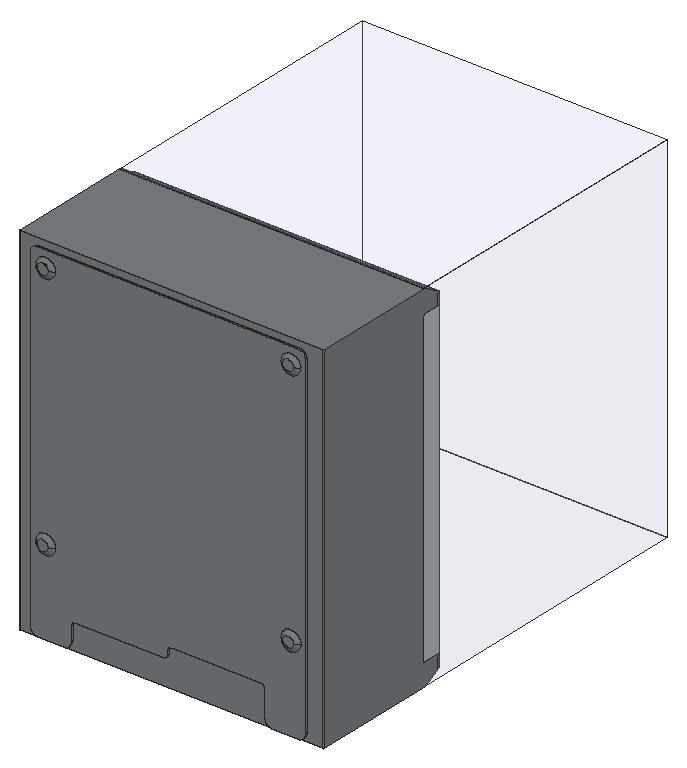
Revit family "Tyco _ FPP  (FireClass) FC700 series _  Addressable Control and Indicating Panels____", category Fire Alarm Devices, host Wall, Revit 2016
Family settings
  Host = Wall
  Maintain Annotation Orientation = No
  Part Type = Normal
  Round Connector Dimension = Use Diameter
  OmniClass Number = 23.85.30.00
  OmniClass Title = Safety and Security Information Systems
  Always vertical = Yes
  Cut with Voids When Loaded = No
  Shared = No
  Room Calculation Point = No
Parameters (values of type "FC718D")
  Weight = "13 kg"
  Warranty Start Date = "1900-12-31T23:59:59"
  Warranty Guarantor Parts = "Contact your supplier. If you don’t have your supplier contact details please contact FireClassSales@tycoint.com"
  Warranty Guarantor Labor = "Contact your supplier. If you don’t have your supplier contact details please contact FireClassSales@tycoint.com"
  Warranty Duration Unit = "Year"
  Warranty Duration Parts = "3 years"
  Warranty Duration Labor = 3
  Warranty Description = "The 36 month warranty is applicable from the date of manufacture."
  Version = "1"
  Usage Current = "n/a"
  Uniclass2 = "Ee_40_15_75"
  URL = "http://www.fireclass.net"
  Type Comments = ""
  Total No Of Addresses = "1000"
  Tag Number = "n/a"
  SuistainabilityPerformance = "n/a"
  Storage Temperature = "-20 °C to +70 °C"
  Size = "n/a"
  Single = yes
  Shape = "Rectangle"
  Serial Number = "n/a"
  Revision = "n/a"
  Replacement Cost = 0
  Relative Humidity = "90% RH continuous (non-condensing)"
  Reference = ""
  Product Description = "FC718D 4-8 Loop FireClass Panel"
  Product Specification = "PROFILE Flexible panel 4 shared power loops or 2 high power loops expandable to 8 shared power or 4 high power loops with maximum 1000 addresses. TFT touchscreen display with 16 zonal LEDs. Designer housing 5 A PSU for 38 AH batteries. Networkable."
  Product Information = ""
  Product Codes = "557.200.952"
  Phase Reference = "n/a"
  Phase Angle = "n/a"
  Operation Temperature Range = " -5 °C to +40 °C"  # constant formula
  Number of Loops = "4"
  Number Of Poles = "n/a"
  Nominal Width = 410 mm
  Nominal Voltage = "230 V AC"
  Nominal Length = 205 mm
  Nominal Height = 480 mm
  Nominal Frequency Range = "50/60 Hz"
  Nominal Current = "2.2 A"
  No Of Zones Supported = "240"
  No Of Zonal LEDs = "80"
  Name = "FC718D"
  NBS Reference = "90-75-30/380"
  NBS Description = "Fire detection and alarm control and indicating equipment (CIE)"
  Model Reference = "n/a"
  Model Number = "FC718D"
  Model = "FC718D"
  Material = "Mild steel Zintec (Electro Zinc Coated)"
  Manufacturer URL = "www.zettlerfire.com"
  Manufacturer Name = "Tyco Fire & Security GmbH"
  Manufacturer = "Tyco Fire & Security GmbH"
  Insulation Standard Class = "n/a"
  Installation Date = "1900-12-31T23:59:59"
  Ifc Type Object = ""
  Ifc Export Type = ""
  Ifc Export As = ""
  IP_Code = "n/a"
  Has Protective Earth = "TRUE"
  Grade = "n/a"
  Finish = "n/a"
  Features = "n/a"
  Expected Life = 0
  Electrical Device Nominal Power = "n/a"
  Duration Unit = "Year"
  Double = not(Single)  # no
  Description = "Two HP or four SP loop, expandable to eight loop, FireClass Panel"
  Constituents = "n/a"
  Colour = "RAL 7035 (Light Grey)"
  Code Performance = "n/a"
  Clearance [instance] = yes
  Category = "Ee_40_15_75"
  Brand = "FireClass"
  Bar Code = "n/a"
  BIM Object Name = ""
  Author = "Tyco Fire & Security GmbH"
  Asset Type = "Moveable"
  Asset Identifier = "n/a"
  Addresses Per Loop = "250"
  Accessibility Performance = "n/a"
Reference planes
  plane 1 "Wall": y = 0
  plane 2 "Center (Left/Right)": x = 125
  plane 3 "Back": y = 75
  plane 4: x = -80
  plane 5: x = 330
  plane 6: y = 280
  plane 7: z = 10
Text (mm)
  text "Placement Side" at (-1848.837, 1116.779, 0), in view "Ref. Level"
  text "Placement side" at (0, 1409.804, 2854.306), in view "Left"
  text "Placement side" at (0, 499.811, 2980.732), in view "Right"
Dimensions and locks
  locked: plane 3 "Back" to host wall
  equal spacing: plane 5, plane 2 "Center (Left/Right)", plane 4
  "Nominal Width": plane 5 to plane 4
  "Nominal Length": plane 6 to host wall
  aligned and locked: plane 1 "Wall" to host wall
  aligned and locked: host wall to nested 1
  aligned and locked: level to nested 1
  aligned and locked: plane 7 to level
Nested families
  nested 1: "Geometry" at (111.958, 195.928, -93.975), type "Default"
Connectors
  electrical at (125, 86.414, -93.975)
    settings: on nested 1, index 1, voltage 0 V, apparent load 0 VA, apparent load phase1 0 VA, apparent load phase2 0 VA, apparent load phase3 0 VA, power factor 1, load classification "Other", number of poles 1, system type 11, power factor state 1, is connector primary yes, connector utility no, sub classification motor no, connector description ""
  cabletrayconduit at (125, 143.421, 146.025), diameter 19.1
    settings: on nested 1, index 2, connector width 300 mm, connector height 300 mm, connector angle 0.00°, system type 32, placement type 0, profile type 0, connector reference index -1, is primary connector yes, connector utility param no, connector description "Conduit Connector"
Definition of nested family "Geometry"
  Parameters (values of type "Default")
    Single = yes
    Double = no
    Depth = 205 mm
    Clearance = yes
  Reference planes
    plane 1 "Center (Front/Back)": y = 0
    plane 2: z = 0
    plane 3 "Center (Left/Right)": x = 0
    plane 4: y = 94.62
    plane 5: y = 14.072
    plane 6: x = 8.755
    plane 7: y = 94.12
    plane 8: x = 8.755
    plane 9: z = 0.002
    plane 10: z = -0.003
    plane 11: y = 104.714
    plane 12: x = 8.755
    plane 13: y = 84.072
    plane 14: y = -120.928
    plane 15: y = 84.072
    plane 16: y = 467.874
    plane 17: y = -109.514
    plane 18: y = -115.452
    plane 19: y = -116.912
    plane 20: y = -120.912
    plane 21: y = -109.514
    plane 22: z = 103.975
  Forms (mm)
    Extrusion 1, solid
      sketch origin (0, 0, 0) x (1, 0, 0) y (0, 1, 0)
        loop
          arc (-191.958, -107.514) -> (-191.373, -108.929) -> (-189.958, -109.514) r 2
          line (-189.958, -109.514) -> (216.042, -109.514)
          arc (216.042, -109.514) -> (217.456, -108.929) -> (218.042, -107.514) r 2
          line (218.042, -107.514) -> (218.042, 81.899)
          arc (218.042, 81.899) -> (217.405, 83.435) -> (215.869, 84.072) r 2.173
          line (215.869, 84.072) -> (-189.786, 84.072)
          arc (-189.786, 84.072) -> (-191.322, 83.435) -> (-191.958, 81.899) r 2.173
          line (-191.958, 81.899) -> (-191.958, -107.514)
      from -240 to 240
    Extrusion 2, void
      sketch origin (0, 0, 0) x (0, 1, 0) y (0, 0, 1)
        loop
          line (84.072, 224.87) -> (84.072, 240) -> (59.509, 240) -> (60.447, 239.783) -> (65.823, 236.679) -> (82.99, 226.768)
          spline (82.99, 226.768) -> (83.148, 226.672) -> (83.294, 226.565) -> (83.428, 226.446) -> (83.549, 226.316) -> (83.658, 226.175) -> (83.754, 226.022) -> (83.838, 225.859) -> (83.909, 225.683) -> (83.969, 225.497) -> (84.015, 225.299) -> (84.05, 225.09) -> (84.072, 224.87)
      from -191.958 to 218.042
    Extrusion 3, void
      sketch origin (0, 0, 0) x (0, 1, 0) y (0, 0, 1)
        loop
          line (57.874, 210) -> (57.874, -210) -> (82.088, -210)
          arc (82.088, -210) -> (83.503, -210.694) -> (84.075, -212.163) r 2.171
          line (84.075, -212.163) -> (84.903, -212.163) -> (84.903, 212.163) -> (84.075, 212.163)
          arc (84.075, 212.163) -> (83.503, 210.694) -> (82.088, 210) r 2.171
          line (82.088, 210) -> (57.874, 210)
      from -197.471 to 233.152
    Extrusion 4, solid
      sketch origin (0, 0, 0) x (1, 0, 0) y (0, 0, 1)
        loop
          line (218.042, 209) -> (-191.958, 209) -> (-191.958, -209) -> (218.042, -209) -> (218.042, 209)
      from -84.072 to -57.874
    Extrusion 5, solid, visible <- "Double", detail levels fine
      sketch origin (0, 0, 0) x (1, 0, 0) y (0, 0, 1)
        loop
          line (-110.643, -12.767) -> (-110.643, -179.445)
          spline (-110.643, -179.445) -> (-110.138, -182.225) -> (-109.338, -184.124) -> (-108.445, -185.382) -> (-107.659, -186.235) -> (-107.039, -186.855) -> (-106.505, -187.344) -> (-105.971, -187.8) -> (-105.302, -188.3) -> (-104.338, -188.903) -> (-102.944, -189.659) -> (-101.349, -190.46) -> (-100.039, -191.088)
          spline (-100.039, -191.088) -> (-92.912, -193.432) -> (-88.696, -194.469) -> (-84.372, -195.349) -> (-80.159, -196.102) -> (-76.43, -196.66) -> (-72.69, -197.13) -> (-68.467, -197.592) -> (-63.39, -198.071) -> (-57.089, -198.588) -> (-49.08, -199.137) -> (-38.795, -199.693) -> (-25.66, -200.227)
          line (-25.66, -200.227) -> (-8.75, -200.611) -> (26.261, -200.611) -> (43.17, -200.227)
          spline (43.17, -200.227) -> (58.045, -199.622) -> (69.694, -198.993) -> (78.763, -198.371) -> (85.899, -197.785) -> (91.648, -197.243) -> (96.431, -196.72) -> (100.666, -196.187) -> (104.889, -195.556) -> (109.66, -194.703) -> (114.557, -193.706) -> (119.331, -192.532) -> (127.403, -189.878)
          spline (127.403, -189.878) -> (128.577, -189.315) -> (130.006, -188.597) -> (131.255, -187.92) -> (132.118, -187.379) -> (132.718, -186.932) -> (133.197, -186.523) -> (133.674, -186.085) -> (134.23, -185.529) -> (134.934, -184.764) -> (135.734, -183.637) -> (136.452, -181.936) -> (136.904, -179.445)
          line (136.904, -179.445) -> (136.904, -12.767)
          arc (136.904, -12.767) -> (135.62, -9.666) -> (132.519, -8.381) r 4.386
          line (132.519, -8.381) -> (-106.258, -8.381)
          arc (-106.258, -8.381) -> (-109.359, -9.666) -> (-110.643, -12.767) r 4.386
        loop
          line (122.205, -178.562) -> (122.205, -19.162)
          arc (122.205, -19.162) -> (122.059, -18.809) -> (121.705, -18.662) r 0.5
          line (121.705, -18.662) -> (-96.695, -18.662)
          arc (-96.695, -18.662) -> (-97.048, -18.809) -> (-97.195, -19.162) r 0.5
          line (-97.195, -19.162) -> (-97.195, -178.562)
          arc (-97.195, -178.562) -> (-97.048, -178.916) -> (-96.695, -179.062) r 0.5
          line (-96.695, -179.062) -> (121.705, -179.062)
          arc (121.705, -179.062) -> (122.059, -178.916) -> (122.205, -178.562) r 0.5
        loop
          line (-91.37, -167.112) -> (-68.37, -167.112)
          arc (-68.37, -167.112) -> (-67.309, -166.673) -> (-66.87, -165.612) r 1.5
          line (-66.87, -165.612) -> (-66.87, -123.612)
          arc (-66.87, -123.612) -> (-67.309, -122.551) -> (-68.37, -122.112) r 1.5
          line (-68.37, -122.112) -> (-91.37, -122.112)
          arc (-91.37, -122.112) -> (-92.43, -122.551) -> (-92.87, -123.612) r 1.5
          line (-92.87, -123.612) -> (-92.87, -165.612)
          arc (-92.87, -165.612) -> (-92.43, -166.673) -> (-91.37, -167.112) r 1.5
        loop
          line (-73.379, -117.225) -> (-73.379, -24.225)
          arc (-73.379, -24.225) -> (-74.629, -22.975) -> (-75.879, -24.225) r 1.25
          line (-75.879, -24.225) -> (-75.879, -117.225)
          arc (-75.879, -117.225) -> (-74.629, -118.475) -> (-73.379, -117.225) r 1.25
        loop
          line (-79.029, -117.225) -> (-79.029, -24.225)
          arc (-79.029, -24.225) -> (-80.279, -22.975) -> (-81.529, -24.225) r 1.25
          line (-81.529, -24.225) -> (-81.529, -117.225)
          arc (-81.529, -117.225) -> (-80.279, -118.475) -> (-79.029, -117.225) r 1.25
        loop
          line (-84.679, -117.225) -> (-84.679, -24.225)
          arc (-84.679, -24.225) -> (-85.929, -22.975) -> (-87.179, -24.225) r 1.25
          line (-87.179, -24.225) -> (-87.179, -117.225)
          arc (-87.179, -117.225) -> (-85.929, -118.475) -> (-84.679, -117.225) r 1.25
        loop
          line (-90.329, -117.225) -> (-90.329, -24.225)
          arc (-90.329, -24.225) -> (-91.579, -22.975) -> (-92.829, -24.225) r 1.25
          line (-92.829, -24.225) -> (-92.829, -117.225)
          arc (-92.829, -117.225) -> (-91.579, -118.475) -> (-90.329, -117.225) r 1.25
        loop
          line (-67.729, -117.225) -> (-67.729, -24.225)
          arc (-67.729, -24.225) -> (-68.979, -22.975) -> (-70.229, -24.225) r 1.25
          line (-70.229, -24.225) -> (-70.229, -117.225)
          arc (-70.229, -117.225) -> (-68.979, -118.475) -> (-67.729, -117.225) r 1.25
        loop
          spline (21.517, -193.361) -> (22.109, -193.327) -> (22.695, -193.227) -> (23.267, -193.062) -> (23.815, -192.831) -> (24.332, -192.537) -> (24.809, -192.182) -> (25.235, -191.768) -> (25.603, -191.301) -> (25.902, -190.786) -> (26.123, -190.233) -> (26.259, -189.653) -> (26.305, -189.062)
          spline (26.305, -189.062) -> (26.258, -188.48) -> (26.121, -187.909) -> (25.897, -187.366) -> (25.595, -186.864) -> (25.226, -186.409) -> (24.799, -186.007) -> (24.326, -185.664) -> (23.813, -185.379) -> (23.271, -185.157) -> (22.706, -184.996) -> (22.128, -184.9) -> (21.545, -184.868)
          line (21.545, -184.868) -> (3.472, -184.862)
          spline (3.472, -184.862) -> (2.888, -184.894) -> (2.31, -184.991) -> (1.744, -185.151) -> (1.201, -185.374) -> (0.688, -185.659) -> (0.214, -186.003) -> (-0.213, -186.405) -> (-0.583, -186.861) -> (-0.886, -187.364) -> (-1.109, -187.907) -> (-1.247, -188.479) -> (-1.295, -189.062)
          spline (-1.295, -189.062) -> (-1.248, -189.653) -> (-1.112, -190.233) -> (-0.891, -190.786) -> (-0.592, -191.301) -> (-0.225, -191.768) -> (0.202, -192.182) -> (0.678, -192.537) -> (1.195, -192.831) -> (1.744, -193.062) -> (2.316, -193.227) -> (2.902, -193.327) -> (3.493, -193.361)
          line (3.493, -193.361) -> (21.517, -193.361)
        loop
          line (-96.695, -178.562) -> (121.705, -178.562) -> (121.705, -19.162) -> (-96.695, -19.162) -> (-96.695, -178.562)
        loop
          line (109.705, -23.975) -> (-63.295, -23.975) -> (-63.295, -166.475) -> (109.705, -166.475) -> (109.705, -23.975)
        loop
          line (-64.095, -22.975) -> (-64.095, -167.275) -> (110.505, -167.275) -> (110.505, -22.975) -> (-64.095, -22.975)
        loop
          line (132.519, -9.381) -> (-106.258, -9.381)
          arc (-106.258, -9.381) -> (-108.652, -10.373) -> (-109.643, -12.767) r 3.386
          line (-109.643, -12.767) -> (-109.643, -179.362)
          spline (-109.643, -179.362) -> (-109.178, -181.935) -> (-108.469, -183.619) -> (-107.687, -184.72) -> (-106.942, -185.529) -> (-106.353, -186.117) -> (-105.851, -186.578) -> (-105.348, -187.007) -> (-104.747, -187.456) -> (-103.85, -188.017) -> (-102.503, -188.748) -> (-100.929, -189.538) -> (-99.641, -190.155)
          spline (-99.641, -190.155) -> (-92.594, -192.474) -> (-88.434, -193.497) -> (-84.141, -194.37) -> (-79.955, -195.119) -> (-76.258, -195.671) -> (-72.539, -196.139) -> (-68.334, -196.599) -> (-63.276, -197.077) -> (-56.991, -197.592) -> (-49.005, -198.14) -> (-38.742, -198.694) -> (-25.631, -199.227)
          line (-25.631, -199.227) -> (-8.739, -199.611) -> (26.25, -199.611) -> (43.136, -199.228)
          spline (43.136, -199.228) -> (57.997, -198.623) -> (69.632, -197.995) -> (78.69, -197.374) -> (85.819, -196.79) -> (91.558, -196.248) -> (96.329, -195.728) -> (100.548, -195.197) -> (104.737, -194.572) -> (109.478, -193.725) -> (114.349, -192.735) -> (119.062, -191.58) -> (126.963, -188.99)
          spline (126.963, -188.99) -> (128.123, -188.434) -> (129.521, -187.731) -> (130.739, -187.072) -> (131.541, -186.571) -> (132.076, -186.172) -> (132.525, -185.788) -> (132.973, -185.378) -> (133.498, -184.853) -> (134.163, -184.133) -> (134.856, -183.163) -> (135.486, -181.679) -> (135.904, -179.401)
          line (135.904, -179.401) -> (135.904, -12.767)
          arc (135.904, -12.767) -> (134.913, -10.373) -> (132.519, -9.381) r 3.386
        loop
          arc (-110.643, 12.767) -> (-109.359, 9.666) -> (-106.258, 8.381) r 4.386
          line (-106.258, 8.381) -> (132.519, 8.381)
          arc (132.519, 8.381) -> (135.62, 9.666) -> (136.904, 12.767) r 4.386
          line (136.904, 12.767) -> (136.904, 179.445)
          spline (136.904, 179.445) -> (136.452, 181.936) -> (135.734, 183.637) -> (134.934, 184.764) -> (134.23, 185.529) -> (133.674, 186.085) -> (133.197, 186.523) -> (132.718, 186.932) -> (132.118, 187.379) -> (131.255, 187.92) -> (130.006, 188.597) -> (128.577, 189.315) -> (127.403, 189.878)
          spline (127.403, 189.878) -> (119.331, 192.532) -> (114.557, 193.706) -> (109.66, 194.703) -> (104.889, 195.556) -> (100.666, 196.187) -> (96.431, 196.72) -> (91.648, 197.243) -> (85.899, 197.785) -> (78.763, 198.371) -> (69.694, 198.993) -> (58.045, 199.622) -> (43.17, 200.227)
          line (43.17, 200.227) -> (26.261, 200.611) -> (-8.75, 200.611) -> (-25.66, 200.227)
          spline (-25.66, 200.227) -> (-38.795, 199.693) -> (-49.08, 199.137) -> (-57.089, 198.588) -> (-63.39, 198.071) -> (-68.467, 197.592) -> (-72.69, 197.13) -> (-76.43, 196.66) -> (-80.159, 196.102) -> (-84.372, 195.349) -> (-88.696, 194.469) -> (-92.912, 193.432) -> (-100.039, 191.088)
          spline (-100.039, 191.088) -> (-101.349, 190.46) -> (-102.944, 189.659) -> (-104.338, 188.903) -> (-105.302, 188.3) -> (-105.971, 187.8) -> (-106.505, 187.344) -> (-107.039, 186.855) -> (-107.659, 186.235) -> (-108.445, 185.382) -> (-109.338, 184.124) -> (-110.138, 182.225) -> (-110.643, 179.445)
          line (-110.643, 179.445) -> (-110.643, 12.767)
        loop
          arc (122.205, 178.562) -> (122.059, 178.916) -> (121.705, 179.062) r 0.5
          line (121.705, 179.062) -> (-96.695, 179.062)
          arc (-96.695, 179.062) -> (-97.048, 178.916) -> (-97.195, 178.562) r 0.5
          line (-97.195, 178.562) -> (-97.195, 19.162)
          arc (-97.195, 19.162) -> (-97.048, 18.809) -> (-96.695, 18.662) r 0.5
          line (-96.695, 18.662) -> (121.705, 18.662)
          arc (121.705, 18.662) -> (122.059, 18.809) -> (122.205, 19.162) r 0.5
          line (122.205, 19.162) -> (122.205, 178.562)
        loop
          arc (-91.682, 167.112) -> (-92.743, 166.673) -> (-93.182, 165.612) r 1.5
          line (-93.182, 165.612) -> (-93.182, 123.612)
          arc (-93.182, 123.612) -> (-92.743, 122.551) -> (-91.682, 122.112) r 1.5
          line (-91.682, 122.112) -> (-68.682, 122.112)
          arc (-68.682, 122.112) -> (-67.621, 122.551) -> (-67.182, 123.612) r 1.5
          line (-67.182, 123.612) -> (-67.182, 165.612)
          arc (-67.182, 165.612) -> (-67.621, 166.673) -> (-68.682, 167.112) r 1.5
          line (-68.682, 167.112) -> (-91.682, 167.112)
        loop
          arc (-73.691, 117.225) -> (-74.941, 118.475) -> (-76.191, 117.225) r 1.25
          line (-76.191, 117.225) -> (-76.191, 24.225)
          arc (-76.191, 24.225) -> (-74.941, 22.975) -> (-73.691, 24.225) r 1.25
          line (-73.691, 24.225) -> (-73.691, 117.225)
        loop
          arc (-79.341, 117.225) -> (-80.591, 118.475) -> (-81.841, 117.225) r 1.25
          line (-81.841, 117.225) -> (-81.841, 24.225)
          arc (-81.841, 24.225) -> (-80.591, 22.975) -> (-79.341, 24.225) r 1.25
          line (-79.341, 24.225) -> (-79.341, 117.225)
        loop
          arc (-84.991, 117.225) -> (-86.241, 118.475) -> (-87.491, 117.225) r 1.25
          line (-87.491, 117.225) -> (-87.491, 24.225)
          arc (-87.491, 24.225) -> (-86.241, 22.975) -> (-84.991, 24.225) r 1.25
          line (-84.991, 24.225) -> (-84.991, 117.225)
        loop
          arc (-90.641, 117.225) -> (-91.891, 118.475) -> (-93.141, 117.225) r 1.25
          line (-93.141, 117.225) -> (-93.141, 24.225)
          arc (-93.141, 24.225) -> (-91.891, 22.975) -> (-90.641, 24.225) r 1.25
          line (-90.641, 24.225) -> (-90.641, 117.225)
        loop
          arc (-68.041, 117.225) -> (-69.291, 118.475) -> (-70.541, 117.225) r 1.25
          line (-70.541, 117.225) -> (-70.541, 24.225)
          arc (-70.541, 24.225) -> (-69.291, 22.975) -> (-68.041, 24.225) r 1.25
          line (-68.041, 24.225) -> (-68.041, 117.225)
        loop
          line (21.517, 193.361) -> (3.493, 193.361)
          spline (3.493, 193.361) -> (2.902, 193.327) -> (2.316, 193.227) -> (1.744, 193.062) -> (1.195, 192.831) -> (0.678, 192.537) -> (0.202, 192.182) -> (-0.225, 191.768) -> (-0.592, 191.301) -> (-0.891, 190.786) -> (-1.112, 190.233) -> (-1.248, 189.653) -> (-1.295, 189.062)
          spline (-1.295, 189.062) -> (-1.247, 188.479) -> (-1.109, 187.907) -> (-0.886, 187.364) -> (-0.583, 186.861) -> (-0.213, 186.405) -> (0.214, 186.003) -> (0.688, 185.659) -> (1.201, 185.374) -> (1.744, 185.151) -> (2.31, 184.991) -> (2.888, 184.894) -> (3.472, 184.862)
          line (3.472, 184.862) -> (21.545, 184.868)
          spline (21.545, 184.868) -> (22.128, 184.9) -> (22.706, 184.996) -> (23.271, 185.157) -> (23.813, 185.379) -> (24.326, 185.664) -> (24.799, 186.007) -> (25.226, 186.409) -> (25.595, 186.864) -> (25.897, 187.366) -> (26.121, 187.909) -> (26.258, 188.48) -> (26.305, 189.062)
          spline (26.305, 189.062) -> (26.259, 189.653) -> (26.123, 190.233) -> (25.902, 190.786) -> (25.603, 191.301) -> (25.235, 191.768) -> (24.809, 192.182) -> (24.332, 192.537) -> (23.815, 192.831) -> (23.267, 193.062) -> (22.695, 193.227) -> (22.109, 193.327) -> (21.517, 193.361)
        loop
          line (-96.695, 178.562) -> (-96.695, 19.162) -> (121.705, 19.162) -> (121.705, 178.562) -> (-96.695, 178.562)
        loop
          line (109.705, 23.975) -> (109.705, 166.475) -> (-63.295, 166.475) -> (-63.295, 23.975) -> (109.705, 23.975)
        loop
          line (-64.095, 22.975) -> (110.505, 22.975) -> (110.505, 167.275) -> (-64.095, 167.275) -> (-64.095, 22.975)
        loop
          arc (132.519, 9.381) -> (134.913, 10.373) -> (135.904, 12.767) r 3.386
          line (135.904, 12.767) -> (135.904, 179.401)
          spline (135.904, 179.401) -> (135.486, 181.679) -> (134.856, 183.163) -> (134.163, 184.133) -> (133.498, 184.853) -> (132.973, 185.378) -> (132.525, 185.788) -> (132.076, 186.172) -> (131.541, 186.571) -> (130.739, 187.072) -> (129.521, 187.731) -> (128.123, 188.434) -> (126.963, 188.99)
          spline (126.963, 188.99) -> (119.062, 191.58) -> (114.349, 192.735) -> (109.478, 193.725) -> (104.737, 194.572) -> (100.548, 195.197) -> (96.329, 195.728) -> (91.558, 196.248) -> (85.819, 196.79) -> (78.69, 197.374) -> (69.632, 197.995) -> (57.997, 198.623) -> (43.136, 199.228)
          line (43.136, 199.228) -> (26.25, 199.611) -> (-8.739, 199.611) -> (-25.631, 199.227)
          spline (-25.631, 199.227) -> (-38.742, 198.694) -> (-49.005, 198.14) -> (-56.991, 197.592) -> (-63.276, 197.077) -> (-68.334, 196.599) -> (-72.539, 196.139) -> (-76.258, 195.671) -> (-79.955, 195.119) -> (-84.141, 194.37) -> (-88.434, 193.497) -> (-92.594, 192.474) -> (-99.641, 190.155)
          spline (-99.641, 190.155) -> (-100.929, 189.538) -> (-102.503, 188.748) -> (-103.85, 188.017) -> (-104.747, 187.456) -> (-105.348, 187.007) -> (-105.851, 186.578) -> (-106.353, 186.117) -> (-106.942, 185.529) -> (-107.687, 184.72) -> (-108.469, 183.619) -> (-109.178, 181.935) -> (-109.643, 179.362)
          line (-109.643, 179.362) -> (-109.643, 12.767)
          arc (-109.643, 12.767) -> (-108.652, 10.373) -> (-106.258, 9.381) r 3.386
          line (-106.258, 9.381) -> (132.519, 9.381)
      from -94.62 to -94.12
    Extrusion 6, void
      sketch origin (0, 0, 0) x (0, 1, 0) y (0, 0, 1)
        loop
          spline (84.072, -224.87) -> (84.05, -225.09) -> (84.015, -225.299) -> (83.969, -225.497) -> (83.909, -225.683) -> (83.838, -225.859) -> (83.754, -226.022) -> (83.658, -226.175) -> (83.549, -226.316) -> (83.428, -226.446) -> (83.294, -226.565) -> (83.148, -226.672) -> (82.99, -226.768)
          line (82.99, -226.768) -> (65.823, -236.679) -> (60.447, -239.783) -> (59.509, -240) -> (84.072, -240) -> (84.072, -224.87)
      from -191.958 to 218.042
    Extrusion 7, solid, visible <- "Double", detail levels fine
      sketch origin (0, 0, 0) x (1, 0, 0) y (0, 0, 1)
        loop
          line (132.519, -8.381) -> (-106.258, -8.381)
          arc (-106.258, -8.381) -> (-109.359, -9.666) -> (-110.643, -12.767) r 4.386
          line (-110.643, -12.767) -> (-110.643, -179.445)
          spline (-110.643, -179.445) -> (-110.138, -182.225) -> (-109.338, -184.124) -> (-108.445, -185.382) -> (-107.659, -186.235) -> (-107.039, -186.855) -> (-106.505, -187.344) -> (-105.971, -187.8) -> (-105.302, -188.3) -> (-104.338, -188.903) -> (-102.944, -189.659) -> (-101.349, -190.46) -> (-100.039, -191.088)
          spline (-100.039, -191.088) -> (-92.912, -193.432) -> (-88.696, -194.469) -> (-84.372, -195.349) -> (-80.159, -196.102) -> (-76.43, -196.66) -> (-72.69, -197.13) -> (-68.467, -197.592) -> (-63.39, -198.071) -> (-57.089, -198.588) -> (-49.08, -199.137) -> (-38.795, -199.693) -> (-25.66, -200.227)
          line (-25.66, -200.227) -> (-8.75, -200.611) -> (26.261, -200.611) -> (43.17, -200.227)
          spline (43.17, -200.227) -> (58.045, -199.622) -> (69.694, -198.993) -> (78.763, -198.371) -> (85.899, -197.785) -> (91.648, -197.243) -> (96.431, -196.72) -> (100.666, -196.187) -> (104.889, -195.556) -> (109.66, -194.703) -> (114.557, -193.706) -> (119.331, -192.532) -> (127.403, -189.878)
          spline (127.403, -189.878) -> (128.577, -189.315) -> (130.006, -188.597) -> (131.255, -187.92) -> (132.118, -187.379) -> (132.718, -186.932) -> (133.197, -186.523) -> (133.674, -186.085) -> (134.23, -185.529) -> (134.934, -184.764) -> (135.734, -183.637) -> (136.452, -181.936) -> (136.904, -179.445)
          line (136.904, -179.445) -> (136.904, -12.767)
          arc (136.904, -12.767) -> (135.62, -9.666) -> (132.519, -8.381) r 4.386
        loop
          arc (132.519, 8.381) -> (135.62, 9.666) -> (136.904, 12.767) r 4.386
          line (136.904, 12.767) -> (136.904, 179.445)
          spline (136.904, 179.445) -> (136.452, 181.936) -> (135.734, 183.637) -> (134.934, 184.764) -> (134.23, 185.529) -> (133.674, 186.085) -> (133.197, 186.523) -> (132.718, 186.932) -> (132.118, 187.379) -> (131.255, 187.92) -> (130.006, 188.597) -> (128.577, 189.315) -> (127.403, 189.878)
          spline (127.403, 189.878) -> (119.331, 192.532) -> (114.557, 193.706) -> (109.66, 194.703) -> (104.889, 195.556) -> (100.666, 196.187) -> (96.431, 196.72) -> (91.648, 197.243) -> (85.899, 197.785) -> (78.763, 198.371) -> (69.694, 198.993) -> (58.045, 199.622) -> (43.17, 200.227)
          line (43.17, 200.227) -> (26.261, 200.611) -> (-8.75, 200.611) -> (-25.66, 200.227)
          spline (-25.66, 200.227) -> (-38.795, 199.693) -> (-49.08, 199.137) -> (-57.089, 198.588) -> (-63.39, 198.071) -> (-68.467, 197.592) -> (-72.69, 197.13) -> (-76.43, 196.66) -> (-80.159, 196.102) -> (-84.372, 195.349) -> (-88.696, 194.469) -> (-92.912, 193.432) -> (-100.039, 191.088)
          spline (-100.039, 191.088) -> (-101.349, 190.46) -> (-102.944, 189.659) -> (-104.338, 188.903) -> (-105.302, 188.3) -> (-105.971, 187.8) -> (-106.505, 187.344) -> (-107.039, 186.855) -> (-107.659, 186.235) -> (-108.445, 185.382) -> (-109.338, 184.124) -> (-110.138, 182.225) -> (-110.643, 179.445)
          line (-110.643, 179.445) -> (-110.643, 12.767)
          arc (-110.643, 12.767) -> (-109.359, 9.666) -> (-106.258, 8.381) r 4.386
          line (-106.258, 8.381) -> (132.519, 8.381)
        loop
          line (110.505, 167.275) -> (-64.095, 167.275) -> (-64.095, 22.975) -> (110.505, 22.975) -> (110.505, 167.275)
        loop
          line (110.505, -22.975) -> (-64.095, -22.975) -> (-64.095, -167.275) -> (110.505, -167.275) -> (110.505, -22.975)
      from -94.12 to -84.072
    Extrusion 8, solid, visible <- "Double", detail levels fine
      sketch origin (0, 0, 0) x (1, 0, 0) y (0, 0, 1)
        loop
          line (109.705, 166.475) -> (-63.295, 166.475) -> (-63.295, 23.975) -> (109.705, 23.975) -> (109.705, 166.475)
        loop
          line (-63.295, -23.975) -> (-63.295, -166.475) -> (109.705, -166.475) -> (109.705, -23.975) -> (-63.295, -23.975)
      from -84.072 to -94.12
    Blend 9, solid, detail levels fine
      base sketch origin (27.661, 0, -4.062) x (-1, 0, 0) y (0, 0, -1)
        loop
          circle (182.765, -4.064) r 11
      top sketch origin (27.661, 0, -4.062) x (-1, 0, 0) y (0, 0, -1)
        loop
          circle (182.765, -4.064) r 7.63
      from -84.072 to -88.772
    Extrusion 10, solid, detail levels fine
      sketch origin (27.661, 0, -4.062) x (-1, 0, 0) y (0, 0, -1)
        loop
          circle (182.765, -4.064) r 6.59
      from -89.072 to -88.772
    Extrusion 11, solid, detail levels fine
      sketch origin (27.661, 0, -4.062) x (0, 1, 0) y (0, 0, -1)
        loop
          arc (102.873, -11.009) -> (104.755, -10.977) -> (106.426, -10.112) r 4.124
          line (106.426, -10.112) -> (108.042, -8.73)
          arc (108.042, -8.73) -> (108.507, -8.115) -> (108.672, -7.362) r 1.8
          line (108.672, -7.362) -> (108.672, -4.064) -> (108.672, -0.767)
          arc (108.672, -0.767) -> (108.507, -0.014) -> (108.042, 0.601) r 1.8
          line (108.042, 0.601) -> (106.426, 1.984)
          arc (106.426, 1.984) -> (104.755, 2.848) -> (102.873, 2.88) r 4.124
          line (102.873, 2.88) -> (91.36, 0.39)
          arc (91.36, 0.39) -> (90.794, 0.04) -> (90.572, -0.588) r 1
          line (90.572, -0.588) -> (89.072, -0.588) -> (89.072, -4.064) -> (89.072, -7.541) -> (90.572, -7.541)
          arc (90.572, -7.541) -> (90.794, -8.169) -> (91.36, -8.519) r 1
          line (91.36, -8.519) -> (102.873, -11.009)
      from 181.779 to 183.779
    Extrusion 12, void
      sketch origin (27.661, 0, -4.062) x (0, 1, 0) y (0, 0, -1)
        loop
          circle (104.714, -4.059) r 1.96
      from 181.779 to 183.779
    Extrusion 13, solid, visible <- "Single", detail levels fine
      sketch origin (0, 0, 0) x (1, 0, 0) y (0, 0, 1)
        loop
          arc (136.904, 196.226) -> (135.62, 199.327) -> (132.519, 200.611) r 4.386
          line (132.519, 200.611) -> (-106.258, 200.611)
          arc (-106.258, 200.611) -> (-109.359, 199.327) -> (-110.643, 196.226) r 4.386
          line (-110.643, 196.226) -> (-110.643, 29.547)
          spline (-110.643, 29.547) -> (-110.191, 27.057) -> (-109.473, 25.355) -> (-108.673, 24.228) -> (-107.969, 23.463) -> (-107.413, 22.908) -> (-106.936, 22.47) -> (-106.457, 22.061) -> (-105.858, 21.614) -> (-104.994, 21.073) -> (-103.745, 20.396) -> (-102.316, 19.678) -> (-101.142, 19.115)
          spline (-101.142, 19.115) -> (-93.07, 16.461) -> (-88.296, 15.286) -> (-83.399, 14.29) -> (-78.628, 13.437) -> (-74.405, 12.806) -> (-70.17, 12.273) -> (-65.387, 11.75) -> (-59.638, 11.207) -> (-52.502, 10.622) -> (-43.433, 10) -> (-31.784, 9.371) -> (-16.91, 8.766)
          line (-16.91, 8.766) -> (0, 8.381) -> (35.011, 8.381) -> (51.92, 8.766)
          spline (51.92, 8.766) -> (65.055, 9.3) -> (75.341, 9.855) -> (83.35, 10.405) -> (89.651, 10.922) -> (94.728, 11.401) -> (98.951, 11.863) -> (102.691, 12.333) -> (106.42, 12.891) -> (110.633, 13.644) -> (114.957, 14.524) -> (119.173, 15.561) -> (126.3, 17.905)
          spline (126.3, 17.905) -> (127.61, 18.533) -> (129.205, 19.334) -> (130.599, 20.09) -> (131.563, 20.693) -> (132.232, 21.192) -> (132.766, 21.649) -> (133.299, 22.138) -> (133.92, 22.757) -> (134.706, 23.611) -> (135.598, 24.869) -> (136.399, 26.768) -> (136.904, 29.547)
          line (136.904, 29.547) -> (136.904, 196.226)
        loop
          arc (122.205, 187.312) -> (122.059, 187.666) -> (121.705, 187.812) r 0.5
          line (121.705, 187.812) -> (-96.695, 187.812)
          arc (-96.695, 187.812) -> (-97.048, 187.666) -> (-97.195, 187.312) r 0.5
          line (-97.195, 187.312) -> (-97.195, 27.912)
          arc (-97.195, 27.912) -> (-97.048, 27.559) -> (-96.695, 27.412) r 0.5
          line (-96.695, 27.412) -> (121.705, 27.412)
          arc (121.705, 27.412) -> (122.059, 27.559) -> (122.205, 27.912) r 0.5
          line (122.205, 27.912) -> (122.205, 187.312)
        loop
          arc (-69.307, 31.725) -> (-68.246, 32.164) -> (-67.807, 33.225) r 1.5
          line (-67.807, 33.225) -> (-67.807, 75.225)
          arc (-67.807, 75.225) -> (-68.246, 76.286) -> (-69.307, 76.725) r 1.5
          line (-69.307, 76.725) -> (-92.307, 76.725)
          arc (-92.307, 76.725) -> (-93.368, 76.286) -> (-93.807, 75.225) r 1.5
          line (-93.807, 75.225) -> (-93.807, 33.225)
          arc (-93.807, 33.225) -> (-93.368, 32.164) -> (-92.307, 31.725) r 1.5
          line (-92.307, 31.725) -> (-69.307, 31.725)
        loop
          arc (-87.298, 81.612) -> (-86.048, 80.362) -> (-84.798, 81.612) r 1.25
          line (-84.798, 81.612) -> (-84.798, 174.612)
          arc (-84.798, 174.612) -> (-86.048, 175.862) -> (-87.298, 174.612) r 1.25
          line (-87.298, 174.612) -> (-87.298, 81.612)
        loop
          arc (-81.648, 81.612) -> (-80.398, 80.362) -> (-79.148, 81.612) r 1.25
          line (-79.148, 81.612) -> (-79.148, 174.612)
          arc (-79.148, 174.612) -> (-80.398, 175.862) -> (-81.648, 174.612) r 1.25
          line (-81.648, 174.612) -> (-81.648, 81.612)
        loop
          arc (-75.998, 81.612) -> (-74.748, 80.362) -> (-73.498, 81.612) r 1.25
          line (-73.498, 81.612) -> (-73.498, 174.612)
          arc (-73.498, 174.612) -> (-74.748, 175.862) -> (-75.998, 174.612) r 1.25
          line (-75.998, 174.612) -> (-75.998, 81.612)
        loop
          arc (-70.348, 81.612) -> (-69.098, 80.362) -> (-67.848, 81.612) r 1.25
          line (-67.848, 81.612) -> (-67.848, 174.612)
          arc (-67.848, 174.612) -> (-69.098, 175.862) -> (-70.348, 174.612) r 1.25
          line (-70.348, 174.612) -> (-70.348, 81.612)
        loop
          arc (-92.948, 81.612) -> (-91.698, 80.362) -> (-90.448, 81.612) r 1.25
          line (-90.448, 81.612) -> (-90.448, 174.612)
          arc (-90.448, 174.612) -> (-91.698, 175.862) -> (-92.948, 174.612) r 1.25
          line (-92.948, 174.612) -> (-92.948, 81.612)
        loop
          line (4.744, 15.632) -> (22.768, 15.632)
          spline (22.768, 15.632) -> (23.359, 15.666) -> (23.945, 15.765) -> (24.517, 15.931) -> (25.066, 16.162) -> (25.583, 16.456) -> (26.059, 16.811) -> (26.485, 17.225) -> (26.853, 17.692) -> (27.152, 18.207) -> (27.373, 18.76) -> (27.509, 19.34) -> (27.555, 19.931)
          spline (27.555, 19.931) -> (27.508, 20.514) -> (27.37, 21.085) -> (27.146, 21.629) -> (26.844, 22.132) -> (26.474, 22.588) -> (26.047, 22.99) -> (25.573, 23.334) -> (25.06, 23.618) -> (24.517, 23.842) -> (23.951, 24.002) -> (23.373, 24.098) -> (22.789, 24.131)
          line (22.789, 24.131) -> (4.715, 24.125)
          spline (4.715, 24.125) -> (4.133, 24.093) -> (3.555, 23.996) -> (2.99, 23.836) -> (2.448, 23.613) -> (1.935, 23.329) -> (1.462, 22.985) -> (1.035, 22.584) -> (0.666, 22.129) -> (0.364, 21.627) -> (0.14, 21.084) -> (0.003, 20.513) -> (-0.045, 19.931)
          spline (-0.045, 19.931) -> (0.002, 19.34) -> (0.138, 18.76) -> (0.359, 18.206) -> (0.658, 17.692) -> (1.025, 17.225) -> (1.452, 16.811) -> (1.929, 16.456) -> (2.446, 16.162) -> (2.994, 15.931) -> (3.566, 15.765) -> (4.152, 15.666) -> (4.744, 15.632)
        loop
          line (-96.695, 187.312) -> (-96.695, 27.912) -> (121.705, 27.912) -> (121.705, 187.312) -> (-96.695, 187.312)
        loop
          line (109.705, 32.725) -> (109.705, 175.225) -> (-63.295, 175.225) -> (-63.295, 32.725) -> (109.705, 32.725)
        loop
          line (-64.095, 31.725) -> (110.505, 31.725) -> (110.505, 176.025) -> (-64.095, 176.025) -> (-64.095, 31.725)
        loop
          arc (-106.258, 199.611) -> (-108.652, 198.62) -> (-109.643, 196.226) r 3.386
          line (-109.643, 196.226) -> (-109.643, 29.592)
          spline (-109.643, 29.592) -> (-109.225, 27.313) -> (-108.595, 25.83) -> (-107.902, 24.86) -> (-107.237, 24.14) -> (-106.713, 23.615) -> (-106.264, 23.204) -> (-105.815, 22.821) -> (-105.28, 22.422) -> (-104.479, 21.921) -> (-103.26, 21.262) -> (-101.862, 20.559) -> (-100.702, 20.003)
          spline (-100.702, 20.003) -> (-92.801, 17.413) -> (-88.088, 16.257) -> (-83.217, 15.267) -> (-78.476, 14.421) -> (-74.287, 13.796) -> (-70.068, 13.265) -> (-65.297, 12.744) -> (-59.559, 12.203) -> (-52.429, 11.619) -> (-43.371, 10.998) -> (-31.736, 10.37) -> (-16.875, 9.765)
          line (-16.875, 9.765) -> (0.011, 9.381) -> (35, 9.381) -> (51.892, 9.765)
          spline (51.892, 9.765) -> (65.003, 10.299) -> (75.266, 10.853) -> (83.252, 11.401) -> (89.537, 11.916) -> (94.595, 12.394) -> (98.8, 12.853) -> (102.519, 13.321) -> (106.215, 13.874) -> (110.402, 14.623) -> (114.694, 15.496) -> (118.855, 16.519) -> (125.902, 18.837)
          spline (125.902, 18.837) -> (127.19, 19.455) -> (128.764, 20.245) -> (130.11, 20.975) -> (131.007, 21.536) -> (131.609, 21.986) -> (132.112, 22.415) -> (132.614, 22.875) -> (133.203, 23.464) -> (133.948, 24.272) -> (134.73, 25.374) -> (135.439, 27.058) -> (135.904, 29.63)
          line (135.904, 29.63) -> (135.904, 196.226)
          arc (135.904, 196.226) -> (134.913, 198.62) -> (132.519, 199.611) r 3.386
          line (132.519, 199.611) -> (-106.258, 199.611)
      from -94.62 to -94.12
    Extrusion 14, solid, visible <- "Single", detail levels fine
      sketch origin (0, 0, 0) x (1, 0, 0) y (0, 0, 1)
        loop
          arc (-106.258, 200.611) -> (-109.359, 199.327) -> (-110.643, 196.226) r 4.386
          line (-110.643, 196.226) -> (-110.643, 29.547)
          spline (-110.643, 29.547) -> (-110.191, 27.057) -> (-109.473, 25.355) -> (-108.673, 24.228) -> (-107.969, 23.463) -> (-107.413, 22.908) -> (-106.936, 22.47) -> (-106.457, 22.061) -> (-105.858, 21.614) -> (-104.994, 21.073) -> (-103.745, 20.396) -> (-102.316, 19.678) -> (-101.142, 19.115)
          spline (-101.142, 19.115) -> (-93.07, 16.461) -> (-88.296, 15.286) -> (-83.399, 14.29) -> (-78.628, 13.437) -> (-74.405, 12.806) -> (-70.17, 12.273) -> (-65.387, 11.75) -> (-59.638, 11.207) -> (-52.502, 10.622) -> (-43.433, 10) -> (-31.784, 9.371) -> (-16.91, 8.766)
          line (-16.91, 8.766) -> (0, 8.381) -> (35.011, 8.381) -> (51.92, 8.766)
          spline (51.92, 8.766) -> (65.055, 9.3) -> (75.341, 9.855) -> (83.35, 10.405) -> (89.651, 10.922) -> (94.728, 11.401) -> (98.951, 11.863) -> (102.691, 12.333) -> (106.42, 12.891) -> (110.633, 13.644) -> (114.957, 14.524) -> (119.173, 15.561) -> (126.3, 17.905)
          spline (126.3, 17.905) -> (127.61, 18.533) -> (129.205, 19.334) -> (130.599, 20.09) -> (131.563, 20.693) -> (132.232, 21.192) -> (132.766, 21.649) -> (133.299, 22.138) -> (133.92, 22.757) -> (134.706, 23.611) -> (135.598, 24.869) -> (136.399, 26.768) -> (136.904, 29.547)
          line (136.904, 29.547) -> (136.904, 196.226)
          arc (136.904, 196.226) -> (135.62, 199.327) -> (132.519, 200.611) r 4.386
          line (132.519, 200.611) -> (-106.258, 200.611)
        loop
          line (110.505, 176.025) -> (-64.095, 176.025) -> (-64.095, 31.725) -> (110.505, 31.725) -> (110.505, 176.025)
      from -94.12 to -84.072
    Extrusion 15, solid, visible <- "Single", detail levels fine
      sketch origin (0, 0, 0) x (1, 0, 0) y (0, 0, 1)
        loop
          line (109.705, 175.225) -> (-63.295, 175.225) -> (-63.295, 32.725) -> (109.705, 32.725) -> (109.705, 175.225)
      from -84.072 to -94.12
    Extrusion 16, solid, visible <- "Clearance"
      sketch origin (0, 0, 0) x (1, 0, 0) y (0, 0, 1)
        loop
          line (218.042, 240) -> (-191.958, 240) -> (-191.958, -239.783) -> (218.042, -239.783) -> (218.042, 240)
      from -57.874 to -467.874
    Extrusion 17, solid, detail levels medium
      sketch origin (0, 0, 0) x (1, 0, 0) y (0, 0, 1)
        loop
          line (136.904, 29.547) -> (136.904, 196.226)
          arc (136.904, 196.226) -> (135.62, 199.327) -> (132.519, 200.611) r 4.386
          line (132.519, 200.611) -> (-106.258, 200.611)
          arc (-106.258, 200.611) -> (-109.359, 199.327) -> (-110.643, 196.226) r 4.386
          line (-110.643, 196.226) -> (-110.643, 29.547)
          spline (-110.643, 29.547) -> (-110.191, 27.057) -> (-109.473, 25.355) -> (-108.673, 24.228) -> (-107.969, 23.463) -> (-107.413, 22.908) -> (-106.936, 22.47) -> (-106.457, 22.061) -> (-105.858, 21.614) -> (-104.994, 21.073) -> (-103.745, 20.396) -> (-102.316, 19.678) -> (-101.142, 19.115)
          spline (-101.142, 19.115) -> (-93.07, 16.461) -> (-88.296, 15.286) -> (-83.399, 14.29) -> (-78.628, 13.437) -> (-74.405, 12.806) -> (-70.17, 12.273) -> (-65.387, 11.75) -> (-59.638, 11.207) -> (-52.502, 10.622) -> (-43.433, 10) -> (-31.784, 9.371) -> (-16.91, 8.766)
          line (-16.91, 8.766) -> (0, 8.381) -> (35.011, 8.381) -> (51.92, 8.766)
          spline (51.92, 8.766) -> (65.055, 9.3) -> (75.341, 9.855) -> (83.35, 10.405) -> (89.651, 10.922) -> (94.728, 11.401) -> (98.951, 11.863) -> (102.691, 12.333) -> (106.42, 12.891) -> (110.633, 13.644) -> (114.957, 14.524) -> (119.173, 15.561) -> (126.3, 17.905)
          spline (126.3, 17.905) -> (127.61, 18.533) -> (129.205, 19.334) -> (130.599, 20.09) -> (131.563, 20.693) -> (132.232, 21.192) -> (132.766, 21.649) -> (133.299, 22.138) -> (133.92, 22.757) -> (134.706, 23.611) -> (135.598, 24.869) -> (136.399, 26.768) -> (136.904, 29.547)
      from -84.072 to -94.12
    Extrusion 18, solid, visible <- "Double", detail levels medium
      sketch origin (0, 0, 0) x (1, 0, 0) y (0, 0, 1)
        loop
          line (-110.643, -12.767) -> (-110.643, -179.445)
          spline (-110.643, -179.445) -> (-110.138, -182.225) -> (-109.338, -184.124) -> (-108.445, -185.382) -> (-107.659, -186.235) -> (-107.039, -186.855) -> (-106.505, -187.344) -> (-105.971, -187.8) -> (-105.302, -188.3) -> (-104.338, -188.903) -> (-102.944, -189.659) -> (-101.349, -190.46) -> (-100.039, -191.088)
          spline (-100.039, -191.088) -> (-92.912, -193.432) -> (-88.696, -194.469) -> (-84.372, -195.349) -> (-80.159, -196.102) -> (-76.43, -196.66) -> (-72.69, -197.13) -> (-68.467, -197.592) -> (-63.39, -198.071) -> (-57.089, -198.588) -> (-49.08, -199.137) -> (-38.795, -199.693) -> (-25.66, -200.227)
          line (-25.66, -200.227) -> (-8.75, -200.611) -> (26.261, -200.611) -> (43.17, -200.227)
          spline (43.17, -200.227) -> (58.045, -199.622) -> (69.694, -198.993) -> (78.763, -198.371) -> (85.899, -197.785) -> (91.648, -197.243) -> (96.431, -196.72) -> (100.666, -196.187) -> (104.889, -195.556) -> (109.66, -194.703) -> (114.557, -193.706) -> (119.331, -192.532) -> (127.403, -189.878)
          spline (127.403, -189.878) -> (128.577, -189.315) -> (130.006, -188.597) -> (131.255, -187.92) -> (132.118, -187.379) -> (132.718, -186.932) -> (133.197, -186.523) -> (133.674, -186.085) -> (134.23, -185.529) -> (134.934, -184.764) -> (135.734, -183.637) -> (136.452, -181.936) -> (136.904, -179.445)
          line (136.904, -179.445) -> (136.904, -12.767)
          arc (136.904, -12.767) -> (135.62, -9.666) -> (132.519, -8.381) r 4.386
          line (132.519, -8.381) -> (-106.258, -8.381)
          arc (-106.258, -8.381) -> (-109.359, -9.666) -> (-110.643, -12.767) r 4.386
      from -94.12 to -84.072
    Extrusion 19, solid
      sketch origin (0, 0, 0) x (1, 0, 0) y (0, 0, 1)
        loop
          line (189.242, 234.901) -> (-160.758, 234.901)
          arc (-160.758, 234.901) -> (-167.829, 231.972) -> (-170.758, 224.901) r 10
          line (-170.758, 224.901) -> (-170.758, -225.099)
          arc (-170.758, -225.099) -> (-167.829, -232.17) -> (-160.758, -235.099) r 10
          line (-160.758, -235.099) -> (-125.758, -235.099)
          arc (-125.758, -235.099) -> (-118.687, -232.17) -> (-115.758, -225.099) r 10
          line (-115.758, -225.099) -> (-115.758, -205.099) -> (-114.293, -201.564) -> (-110.758, -200.099) -> (9.242, -200.099) -> (12.776, -198.634) -> (14.242, -195.099) -> (14.242, -190.099) -> (15.707, -186.564) -> (19.242, -185.099) -> (139.242, -185.099) -> (142.776, -186.564) -> (144.242, -190.099) -> (144.242, -225.099)
          arc (144.242, -225.099) -> (147.162, -232.15) -> (154.214, -235.071) r 9.972
          line (154.214, -235.071) -> (189.242, -235.099)
          arc (189.242, -235.099) -> (196.313, -232.17) -> (199.242, -225.099) r 10
          line (199.242, -225.099) -> (199.242, 224.901)
          arc (199.242, 224.901) -> (196.313, 231.972) -> (189.242, 234.901) r 10
      from 115.452 to 116.912
    Blend 20, solid
      base sketch origin (-189.958, -109.514, 0) x (1, 0, 0) y (0, 0, 1)
        loop
          circle (39.083, 193.026) r 13
      top sketch origin (-189.958, -109.514, 0) x (1, 0, 0) y (0, 0, 1)
        loop
          circle (39.083, 193.026) r 7.5
      from 0 to 5.937
    Blend 21, solid
      base sketch origin (218.229, -109.514, 0) x (-1, 0, 0) y (0, 0, -1)
        loop
          circle (39.083, -193.026) r 13
      top sketch origin (218.229, -109.514, 0) x (-1, 0, 0) y (0, 0, -1)
        loop
          circle (39.083, -193.026) r 7.5
      from 0 to 5.938
    Blend 22, solid
      base sketch origin (-189.958, -109.514, 73.125) x (1, 0, 0) y (0, 0, 1)
        loop
          circle (39.083, -193.026) r 13
      top sketch origin (-189.958, -109.514, 73.125) x (1, 0, 0) y (0, 0, 1)
        loop
          circle (39.083, -193.026) r 7.5
      from 0 to 5.938
    Blend 23, solid
      base sketch origin (218.229, -109.514, 72.813) x (-1, 0, 0) y (0, 0, -1)
        loop
          circle (39.083, 193.026) r 13
      top sketch origin (218.229, -109.514, 72.813) x (-1, 0, 0) y (0, 0, -1)
        loop
          circle (39.083, 193.026) r 7.5
      from 0 to 5.938
    Blend 24, solid
      base sketch origin (-171.833, -109.514, -26.25) x (1, 0, 0) y (0, 0, 1)
        loop
          circle (39.083, -193.026) r 13
      top sketch origin (-171.833, -109.514, -26.25) x (1, 0, 0) y (0, 0, 1)
        loop
          circle (39.083, -193.026) r 7.5
      from 0 to 5.938
    Blend 25, solid
      base sketch origin (200.417, -109.514, -26.25) x (-1, 0, 0) y (0, 0, -1)
        loop
          circle (39.083, 193.026) r 13
      top sketch origin (200.417, -109.514, -26.25) x (-1, 0, 0) y (0, 0, -1)
        loop
          circle (39.083, 193.026) r 7.5
      from 0 to 5.938
    Blend 26, solid
      base sketch origin (53.31, -109.514, 222.916) x (-1, 0, 0) y (0, 0, -1)
        loop
          circle (39.083, 193.026) r 13
      top sketch origin (53.31, -109.514, 222.916) x (-1, 0, 0) y (0, 0, -1)
        loop
          circle (39.083, 193.026) r 7.5
      from 0 to 5.937
    Blend 27, solid
      base sketch origin (-144.062, -116.912, 32.5) x (1, 0, 0) y (0, 0, 1)
        loop
          circle (323.249, 180.364) r 13
      top sketch origin (-144.062, -116.912, 32.5) x (1, 0, 0) y (0, 0, 1)
        loop
          circle (323.249, 180.364) r 7.5
      from 0 to 4
    Blend 28, solid
      base sketch origin (172.5, -116.912, 32.5) x (-1, 0, 0) y (0, 0, -1)
        loop
          circle (323.249, -180.364) r 13
      top sketch origin (172.5, -116.912, 32.5) x (-1, 0, 0) y (0, 0, -1)
        loop
          circle (323.249, -180.364) r 7.5
      from 0 to 4
    Blend 29, solid
      base sketch origin (172.5, -116.912, 60.312) x (-1, 0, 0) y (0, 0, -1)
        loop
          circle (323.249, 180.364) r 13
      top sketch origin (172.5, -116.912, 60.312) x (-1, 0, 0) y (0, 0, -1)
        loop
          circle (323.249, 180.364) r 7.5
      from 0 to 4
    Blend 30, solid
      base sketch origin (-143.968, -116.912, 60.313) x (1, 0, 0) y (0, 0, 1)
        loop
          circle (323.249, -180.364) r 13
      top sketch origin (-143.968, -116.912, 60.313) x (1, 0, 0) y (0, 0, 1)
        loop
          circle (323.249, -180.364) r 7.5
      from 0 to 4
    Blend 31, solid
      base sketch origin (-144.654, -109.514, 28.03) x (1, 0, 0) y (0, 0, 1)
        loop
          circle (39.083, -193.026) r 13
      top sketch origin (-144.654, -109.514, 28.03) x (1, 0, 0) y (0, 0, 1)
        loop
          circle (39.083, -193.026) r 7.5
      from 0 to 5.938
    Blend 32, solid
      base sketch origin (95.295, -109.514, 28.03) x (1, 0, 0) y (0, 0, 1)
        loop
          circle (39.083, -193.026) r 13
      top sketch origin (95.295, -109.514, 28.03) x (1, 0, 0) y (0, 0, 1)
        loop
          circle (39.083, -193.026) r 7.5
      from 0 to 5.938
  Cuts and joins
    joined: Extrusion 19, Blend 20
    Extrusion 12 cuts Extrusion 11
    joined: Blend 9, Extrusion 10
    Extrusion 2, Extrusion 3, Extrusion 6 cuts Extrusion 1
  Dimensions and locks
    locked: plane 7 to plane 4 at 0.5
    locked: plane 1 "Center (Front/Back)" to plane 13 at 84.072
    "Depth": plane 13 to plane 14
    plane 16 to Extrusion 4 = 410 mm
    locked: plane 17 to plane 14 at 11.414
    locked: plane 18 to plane 19 at 1.46
    locked: plane 20 to plane 19 at 4
    locked: plane 17 to plane 18 at 5.938
    aligned and locked: level to plane 2
    aligned and locked: plane 7 to Extrusion 7
    aligned and locked: Extrusion 4 to Extrusion 8
    aligned and locked: plane 7 to Extrusion 8
    aligned and locked: Extrusion 13 to plane 4
    aligned and locked: Extrusion 5 to plane 4
    aligned and locked: Extrusion 5 to Extrusion 7
    aligned and locked: Extrusion 7 to Extrusion 14
    aligned and locked: Extrusion 13 to Extrusion 14
    aligned and locked: Extrusion 14 to Extrusion 15
    aligned and locked: plane 13 to Extrusion 4
    aligned and locked: plane 15 to Extrusion 4
    aligned and locked: Extrusion 16 to plane 16
    aligned and locked: Extrusion 16 to Extrusion 4
    aligned and locked: Extrusion 18 to Extrusion 17
    aligned and locked: Extrusion 13 to Extrusion 17
    aligned and locked: Extrusion 18 to Extrusion 7
    aligned and locked: Extrusion 17 to Extrusion 4
    aligned and locked: Extrusion 1 sketch curve to plane 17
    aligned and locked: Extrusion 19 to plane 18
    aligned and locked: plane 19 to Extrusion 19
    aligned and locked: plane 18 to Blend 20
    aligned and locked: plane 21 to cut or joined group of Extrusion 1, Extrusion 2, Extrusion 3, Extrusion 6
    aligned and locked: plane 18 to Blend 22
    aligned and locked: Extrusion 8 sketch curve to Extrusion 5  (x2)
    aligned and locked: Extrusion 15 sketch curve to Extrusion 13  (x2)
  Automatic sketch dimensions
    Extrusion 2 sketch curve to plane 15 = 0 mm
    Extrusion 2 sketch curve to plane 15 = 1.082 mm
    Extrusion 2 sketch curve to plane 15 = 18.248 mm
    Extrusion 2 sketch curve to Extrusion 2 sketch curve = 5.376 mm
    Extrusion 2 sketch curve to Extrusion 2 sketch curve = 0.938 mm
    level to Extrusion 2 sketch curve = 224.87 mm
    Extrusion 2 sketch curve to Extrusion 2 sketch curve = 1.898 mm
    Extrusion 2 sketch curve to Extrusion 2 sketch curve = 9.911 mm
    Extrusion 2 sketch curve to Extrusion 2 sketch curve = 3.104 mm
    Extrusion 2 sketch curve to Extrusion 2 sketch curve = 0.217 mm
    Extrusion 3 sketch curve to plane 15 = 26.197 mm
    Extrusion 3 sketch curve to plane 15 = 2.167 mm  (x2)
    Extrusion 3 sketch curve to plane 15 = 1.984 mm  (x2)
    plane 15 to Extrusion 3 sketch curve = 0.004 mm  (x2)
    Extrusion 3 sketch curve to Extrusion 3 sketch curve = 0.828 mm
    Extrusion 3 sketch curve to level = 212.163 mm
    level to Extrusion 3 sketch curve = 210 mm
    Extrusion 4 sketch curve to plane 3 "Center (Left/Right)" = 191.958 mm
    plane 3 "Center (Left/Right)" to Extrusion 4 sketch curve = 218.042 mm
    Extrusion 4 sketch curve to level = 209 mm
    level to Extrusion 4 sketch curve = 209 mm
    Extrusion 5 sketch curve to Extrusion 5 sketch curve = 0 mm  (x34)
    Extrusion 5 sketch curve to level = 12.767 mm
    Extrusion 5 sketch curve to plane 3 "Center (Left/Right)" = 110.643 mm  (x2)
    Extrusion 5 sketch curve to Extrusion 5 sketch curve = 1 mm  (x8)
    Extrusion 5 sketch curve to Extrusion 5 sketch curve = 3.386 mm  (x3)
    Extrusion 5 sketch curve to Extrusion 5 sketch curve = 9.604 mm  (x2)
    Extrusion 5 sketch curve to Extrusion 5 sketch curve = 0.398 mm  (x2)
    Extrusion 5 sketch curve to Extrusion 5 sketch curve = 2.447 mm  (x2)
    Extrusion 5 sketch curve to Extrusion 5 sketch curve = 0.5 mm  (x4)
    Extrusion 5 sketch curve to Extrusion 5 sketch curve = 3.513 mm
    Extrusion 5 sketch curve to Extrusion 5 sketch curve = 3.553 mm
    Extrusion 5 sketch curve to Extrusion 5 sketch curve = 3.825 mm
    Extrusion 5 sketch curve to Extrusion 5 sketch curve = 0.041 mm
    Extrusion 5 sketch curve to Extrusion 5 sketch curve = 1.25 mm  (x13)
    Extrusion 5 sketch curve to Extrusion 5 sketch curve = 1.5 mm  (x6)
    Extrusion 5 sketch curve to Extrusion 5 sketch curve = 3.15 mm  (x8)
    Extrusion 5 sketch curve to Extrusion 5 sketch curve = 0.609 mm  (x2)
    Extrusion 5 sketch curve to Extrusion 5 sketch curve = 23 mm  (x2)
    Extrusion 5 sketch curve to Extrusion 5 sketch curve = 3.634 mm
    Extrusion 5 sketch curve to Extrusion 5 sketch curve = 3.087 mm
    Extrusion 5 sketch curve to Extrusion 5 sketch curve = 0.8 mm  (x8)
    Extrusion 5 sketch curve to plane 3 "Center (Left/Right)" = 25.66 mm  (x2)
    Extrusion 5 sketch curve to Extrusion 5 sketch curve = 0.029 mm  (x2)
    Extrusion 5 sketch curve to plane 3 "Center (Left/Right)" = 8.75 mm  (x2)
    Extrusion 5 sketch curve to Extrusion 5 sketch curve = 0.011 mm  (x4)
    Extrusion 5 sketch curve to plane 3 "Center (Left/Right)" = 1.295 mm  (x2)
    plane 3 "Center (Left/Right)" to Extrusion 5 sketch curve = 3.472 mm  (x2)
    plane 3 "Center (Left/Right)" to Extrusion 5 sketch curve = 3.493 mm  (x2)
    plane 6 to Extrusion 5 sketch curve = 12.762 mm  (x2)
    Extrusion 5 sketch curve to Extrusion 5 sketch curve = 0.028 mm  (x2)
    Extrusion 5 sketch curve to Extrusion 5 sketch curve = 4.732 mm  (x2)
    Extrusion 5 sketch curve to Extrusion 5 sketch curve = 4.76 mm  (x2)
    Extrusion 5 sketch curve to Extrusion 5 sketch curve = 16.887 mm  (x2)
    Extrusion 5 sketch curve to Extrusion 5 sketch curve = 0.034 mm  (x2)
    Extrusion 5 sketch curve to Extrusion 5 sketch curve = 66.569 mm
    Extrusion 5 sketch curve to Extrusion 5 sketch curve = 11.2 mm  (x3)
    Extrusion 5 sketch curve to Extrusion 5 sketch curve = 5.257 mm  (x2)
    Extrusion 5 sketch curve to Extrusion 5 sketch curve = 0.44 mm  (x2)
    Extrusion 5 sketch curve to Extrusion 5 sketch curve = 10.313 mm  (x2)
    Extrusion 5 sketch curve to Extrusion 5 sketch curve = 8.941 mm
    Extrusion 5 sketch curve to Extrusion 5 sketch curve = 5.895 mm  (x2)
    Extrusion 5 sketch curve to level = 22.975 mm
    Extrusion 5 sketch curve to Extrusion 5 sketch curve = 93 mm  (x2)
    Extrusion 5 sketch curve to Extrusion 5 sketch curve = 4.887 mm  (x2)
    Extrusion 5 sketch curve to Extrusion 5 sketch curve = 42 mm  (x2)
    Extrusion 5 sketch curve to Extrusion 5 sketch curve = 142.5 mm  (x2)
    Extrusion 5 sketch curve to Extrusion 5 sketch curve = 11.287 mm
    Extrusion 5 sketch curve to Extrusion 5 sketch curve = 0.839 mm  (x2)
    Extrusion 5 sketch curve to Extrusion 5 sketch curve = 0.044 mm  (x2)
    Extrusion 5 sketch curve to Extrusion 5 sketch curve = 0.083 mm  (x2)
    Extrusion 5 sketch curve to Extrusion 5 sketch curve = 18.387 mm  (x2)
    Extrusion 5 sketch curve to Extrusion 5 sketch curve = 0.006 mm  (x2)
    Extrusion 5 sketch curve to Extrusion 5 sketch curve = 9.928 mm  (x2)
    Extrusion 5 sketch curve to Extrusion 5 sketch curve = 4.2 mm  (x2)
    Extrusion 5 sketch curve to Extrusion 5 sketch curve = 4.194 mm  (x2)
    Extrusion 5 sketch curve to Extrusion 5 sketch curve = 0.888 mm  (x2)
    Extrusion 5 sketch curve to Extrusion 5 sketch curve = 11.093 mm  (x2)
    Extrusion 5 sketch curve to Extrusion 5 sketch curve = 0.933 mm  (x2)
    Extrusion 5 sketch curve to Extrusion 5 sketch curve = 4.299 mm  (x2)
    Extrusion 5 sketch curve to Extrusion 5 sketch curve = 10.165 mm  (x4)
    Extrusion 5 sketch curve to Extrusion 5 sketch curve = 6.251 mm
    Extrusion 5 sketch curve to Extrusion 5 sketch curve = 0.999 mm  (x2)
    level to Extrusion 5 sketch curve = 8.381 mm
    Extrusion 5 sketch curve to Extrusion 5 sketch curve = 3.813 mm
    Extrusion 5 sketch curve to Extrusion 5 sketch curve = 5.063 mm
    Extrusion 5 sketch curve to Extrusion 5 sketch curve = 11.45 mm
    Extrusion 5 sketch curve to Extrusion 5 sketch curve = 10.549 mm
    Extrusion 6 sketch curve to plane 15 = 0 mm
    plane 15 to Extrusion 6 sketch curve = 1.082 mm
    plane 15 to Extrusion 6 sketch curve = 18.248 mm
    Extrusion 6 sketch curve to Extrusion 6 sketch curve = 5.376 mm
    Extrusion 6 sketch curve to Extrusion 6 sketch curve = 0.938 mm
    level to Extrusion 6 sketch curve = 224.87 mm
    Extrusion 6 sketch curve to Extrusion 6 sketch curve = 1.898 mm
    Extrusion 6 sketch curve to Extrusion 6 sketch curve = 9.911 mm
    Extrusion 6 sketch curve to Extrusion 6 sketch curve = 3.104 mm
    Extrusion 6 sketch curve to Extrusion 6 sketch curve = 0.217 mm
    Extrusion 7 sketch curve to level = 12.767 mm
    Extrusion 7 sketch curve to plane 3 "Center (Left/Right)" = 110.643 mm  (x2)
    Extrusion 7 sketch curve to Extrusion 7 sketch curve = 4.386 mm  (x2)
    Extrusion 7 sketch curve to Extrusion 7 sketch curve = 10.604 mm  (x2)
    Extrusion 7 sketch curve to Extrusion 7 sketch curve = 42.163 mm
    Extrusion 7 sketch curve to Extrusion 7 sketch curve = 35.945 mm
    Extrusion 7 sketch curve to plane 3 "Center (Left/Right)" = 25.66 mm  (x2)
    Extrusion 7 sketch curve to plane 3 "Center (Left/Right)" = 8.75 mm  (x2)
    plane 3 "Center (Left/Right)" to Extrusion 7 sketch curve = 26.261 mm  (x2)
    Extrusion 7 sketch curve to Extrusion 7 sketch curve = 16.91 mm  (x2)
    Extrusion 7 sketch curve to Extrusion 7 sketch curve = 67.335 mm  (x2)
    Extrusion 7 sketch curve to Extrusion 7 sketch curve = 16.897 mm  (x2)
    Extrusion 7 sketch curve to Extrusion 7 sketch curve = 22.013 mm
    Extrusion 7 sketch curve to Extrusion 7 sketch curve = 0 mm  (x2)
    Extrusion 7 sketch curve to Extrusion 7 sketch curve = 9.501 mm  (x2)
    Extrusion 7 sketch curve to level = 22.975 mm
    Extrusion 7 sketch curve to Extrusion 7 sketch curve = 144.3 mm  (x2)
    Extrusion 7 sketch curve to Extrusion 7 sketch curve = 12.171 mm  (x4)
    Extrusion 7 sketch curve to Extrusion 7 sketch curve = 10.432 mm  (x2)
